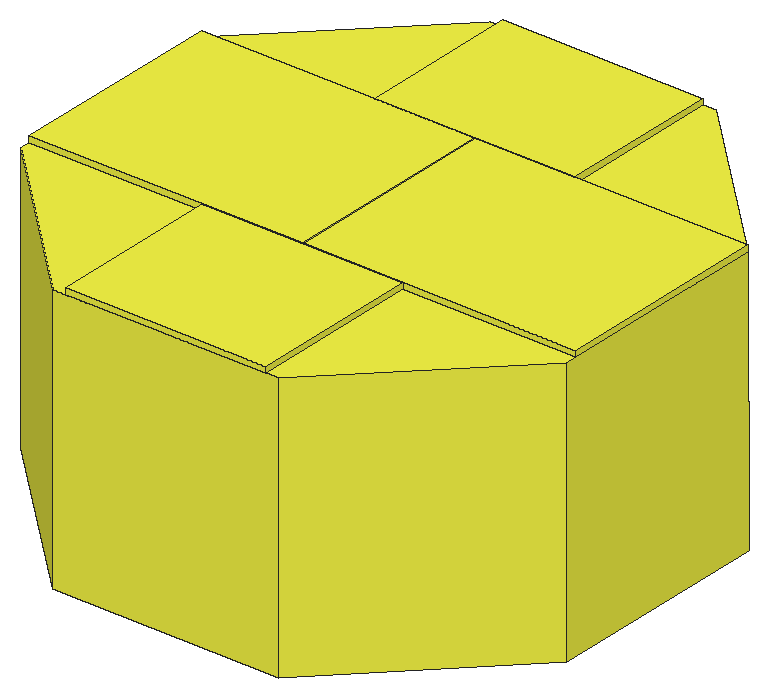
Revit family "Elet_Caixa_4x4_Teto", category Electrical Fixtures, host Ceiling, Revit 2025
Family settings
  Host = Ceiling
  Round Connector Dimension = Use Radius
  Part Type = Normal
  OmniClass Number = 23.75.00.00
  OmniClass Title = Climate Control (HVAC)
  Always vertical = Yes
  Cut with Voids When Loaded = No
  Maintain Annotation Orientation = No
  Shared = No
  Room Calculation Point = No
Parameters (values of type "Tipo 1")
  Default Elevation = 0.000 m
Reference planes (m)
  plane 1 "Centro (Frente/Trás)": y = 0
  plane 2: z = 0
  plane 3 "Centro (Esquerda/Direita)": x = 0
  plane 4 "Forro": z = 4
Forms (m)
  Extrusion 1, solid, material "PVC elétricas caixas"
    sketch origin (0, 0, 4) x (0, 1, 0) y (-1, 0, 0)
      loop
        line (-0.021042, -0.0508) -> (0.021042, -0.0508) -> (0.0508, -0.021042) -> (0.0508, 0.021042) -> (0.021042, 0.0508) -> (-0.021042, 0.0508) -> (-0.0508, 0.021042) -> (-0.0508, -0.021042) -> (-0.021042, -0.0508)
    from 0 to 0.049835
  Extrusion 2, solid, material "PVC elétricas caixas"
    sketch origin (0, 0, 0) x (1, 0, 0) y (0, 1, 0)
      loop
        line (-0.0508, 0.021042) -> (-0.0508, -0.018958) -> (0, -0.018958) -> (0, 0.021042) -> (-0.0508, 0.021042)
    from 4.049835 to 4.050912
  Extrusion 3, solid, material "PVC elétricas caixas"
    sketch origin (-0.0016, 0, 0) x (-1, 0, 0) y (0, -1, 0)
      loop
        line (-0.0524, -0.021042) -> (-0.0016, -0.021042) -> (-0.0016, 0.018958) -> (-0.0524, 0.018958) -> (-0.0524, -0.021042)
    from 4.049835 to 4.050912
  Extrusion 4, solid, material "PVC elétricas caixas"
    sketch origin (-0.0016, 0.042084, 0) x (-1, 0, 0) y (0, -1, 0)
      loop
        line (-0.020181, 0.021042) -> (-0.020181, -0.008716) -> (0.016981, -0.008716) -> (0.016981, 0.021042) -> (-0.020181, 0.021042)
    from 4.049835 to 4.050912
  Extrusion 5, solid, material "PVC elétricas caixas"
    sketch origin (-0.0016, -0.042084, 0) x (-1, 0, 0) y (0, -1, 0)
      loop
        line (-0.020181, -0.023126) -> (0.016981, -0.023126) -> (0.016981, 0.008716) -> (-0.020181, 0.008716) -> (-0.020181, -0.023126)
    from 4.049835 to 4.050912
Dimensions and locks (m)
  equal spacing: host sketch curve, plane 3 "Centro (Esquerda/Direita)", host sketch curve
  equal spacing: host sketch curve, plane 1 "Centro (Frente/Trás)", host sketch curve
  host sketch curve to host sketch curve = 4.000 m  (x2)
  plane 4 "Forro" to host ceiling = 0.000 m
  locked: Extrusion 1 to Extrusion 1 at 0.049835
  locked: Extrusion 1 to Extrusion 2 at 0.001077
  locked: Extrusion 1 to Extrusion 1 at 0.1016  (x2)
  aligned and locked: Extrusion 2 to Extrusion 1  (x2)
  aligned and locked: Extrusion 1 to Extrusion 3
  aligned and locked: Extrusion 3 to plane 3 "Centro (Esquerda/Direita)"
  aligned and locked: plane 3 "Centro (Esquerda/Direita)" to Extrusion 2
  aligned and locked: Extrusion 1 to Extrusion 4
  aligned and locked: Extrusion 5 to Extrusion 2
  aligned and locked: Extrusion 1 to Extrusion 5
Connectors (m)
  cabletrayconduit at (0, -0.0508, 4.024918), diameter 0.032
    settings: on Extrusion 1, index 1, connector width 0.300 m, connector height 0.300 m, connector angle 0.00°, system type 32, placement type 0, profile type 0, connector reference index -1, is primary connector yes, connector utility param no, connector description "Entrada_01"
  cabletrayconduit at (0.035921, -0.035921, 4.024918), diameter 0.0254
    settings: on Extrusion 1, index 2, connector width 0.300 m, connector height 0.300 m, connector angle 0.00°, system type 32, placement type 0, profile type 0, connector reference index -1, is primary connector no, connector utility param no, connector description "Entrada_02"
  cabletrayconduit at (0.0508, 0, 4.024918), diameter 0.032
    settings: on Extrusion 1, index 3, connector width 0.300 m, connector height 0.300 m, connector angle 0.00°, system type 32, placement type 0, profile type 0, connector reference index -1, is primary connector no, connector utility param no, connector description "Entrada_03"
  cabletrayconduit at (0.035921, 0.035921, 4.024918), diameter 0.0254
    settings: on Extrusion 1, index 4, connector width 0.300 m, connector height 0.300 m, connector angle 0.00°, system type 32, placement type 0, profile type 0, connector reference index -1, is primary connector no, connector utility param no, connector description "Entrada_04"
  cabletrayconduit at (0, 0.0508, 4.024918), diameter 0.032
    settings: on Extrusion 1, index 5, connector width 0.300 m, connector height 0.300 m, connector angle 0.00°, system type 32, placement type 0, profile type 0, connector reference index -1, is primary connector no, connector utility param no, connector description "Entrada_05"
  cabletrayconduit at (-0.035921, 0.035921, 4.024918), diameter 0.0254
    settings: on Extrusion 1, index 6, connector width 0.300 m, connector height 0.300 m, connector angle 0.00°, system type 32, placement type 0, profile type 0, connector reference index -1, is primary connector no, connector utility param no, connector description "Entrada_06"
  cabletrayconduit at (-0.0508, 0, 4.024918), diameter 0.032
    settings: on Extrusion 1, index 7, connector width 0.300 m, connector height 0.300 m, connector angle 0.00°, system type 32, placement type 0, profile type 0, connector reference index -1, is primary connector no, connector utility param no, connector description "Entrada_07"
  cabletrayconduit at (-0.035921, -0.035921, 4.024918), diameter 0.0254
    settings: on Extrusion 1, index 8, connector width 0.300 m, connector height 0.300 m, connector angle 0.00°, system type 32, placement type 0, profile type 0, connector reference index -1, is primary connector no, connector utility param no, connector description "Entrada_08"
  cabletrayconduit at (0, 0.035921, 4.050912), diameter 0.0254
    settings: on Extrusion 4, index 9, connector width 0.300 m, connector height 0.300 m, connector angle 0.00°, system type 32, placement type 0, profile type 0, connector reference index -1, is primary connector no, connector utility param no, connector description "Entrara_Topo_02_25"
  cabletrayconduit at (0, -0.034879, 4.050912), diameter 0.0254
    settings: on Extrusion 5, index 10, connector width 0.300 m, connector height 0.300 m, connector angle 0.00°, system type 32, placement type 0, profile type 0, connector reference index -1, is primary connector no, connector utility param no, connector description "Entrara_Topo_04_25"
  cabletrayconduit at (0.0254, 0.001042, 4.050912), diameter 0.032
    settings: on Extrusion 3, index 11, connector width 0.300 m, connector height 0.300 m, connector angle 0.00°, system type 32, placement type 0, profile type 0, connector reference index -1, is primary connector no, connector utility param no, connector description "Entrara_Topo_01_32"
  cabletrayconduit at (-0.0254, 0.001042, 4.050912), diameter 0.032
    settings: on Extrusion 2, index 12, connector width 0.300 m, connector height 0.300 m, connector angle 0.00°, system type 32, placement type 0, profile type 0, connector reference index -1, is primary connector no, connector utility param no, connector description "Entrara_Topo_03_32"
